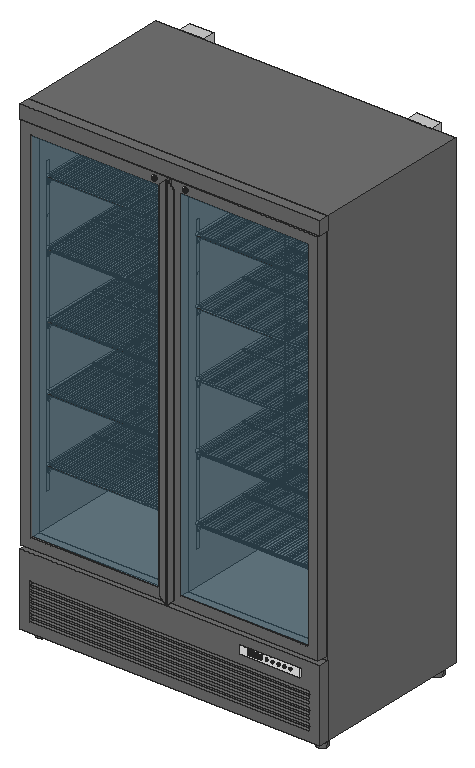
Revit family "QF_BLIZZARD_BMC2_250923014738", category Specialty Equipment, Revit 2021 (continued)
Definition of nested family "QF_BLIZZARD_BMC2_2920"
  Forms (mm)
    Extrusion 107, solid
      sketch origin (1215, -226, 200) x (0, -1, 0) y (0, 0, 1)
        loop
          line (-77, 861.989) -> (-73, 861.989) -> (-73, 865.989) -> (-77, 865.989) -> (-77, 861.989)
        loop
          line (-77, 876.989) -> (-73, 876.989) -> (-73, 880.989) -> (-77, 880.989) -> (-77, 876.989)
        loop
          line (-77, 891.989) -> (-73, 891.989) -> (-73, 895.989) -> (-77, 895.989) -> (-77, 891.989)
        loop
          line (-77, 906.989) -> (-73, 906.989) -> (-73, 910.989) -> (-77, 910.989) -> (-77, 906.989)
        loop
          line (-77, 921.989) -> (-73, 921.989) -> (-73, 925.989) -> (-77, 925.989) -> (-77, 921.989)
        loop
          line (-77, 936.989) -> (-73, 936.989) -> (-73, 940.989) -> (-77, 940.989) -> (-77, 936.989)
        loop
          line (-77, 951.989) -> (-73, 951.989) -> (-73, 955.989) -> (-77, 955.989) -> (-77, 951.989)
        loop
          line (-77, 966.989) -> (-73, 966.989) -> (-73, 970.989) -> (-77, 970.989) -> (-77, 966.989)
        loop
          line (-77, 981.989) -> (-73, 981.989) -> (-73, 985.989) -> (-77, 985.989) -> (-77, 981.989)
        loop
          line (-77, 996.989) -> (-73, 996.989) -> (-73, 1000.989) -> (-77, 1000.989) -> (-77, 996.989)
        loop
          line (-77, 1011.989) -> (-73, 1011.989) -> (-73, 1015.989) -> (-77, 1015.989) -> (-77, 1011.989)
        loop
          line (-77, 1026.989) -> (-73, 1026.989) -> (-73, 1030.989) -> (-77, 1030.989) -> (-77, 1026.989)
        loop
          line (-77, 1041.989) -> (-73, 1041.989) -> (-73, 1045.989) -> (-77, 1045.989) -> (-77, 1041.989)
        loop
          line (-77, 1056.989) -> (-73, 1056.989) -> (-73, 1060.989) -> (-77, 1060.989) -> (-77, 1056.989)
        loop
          line (-77, 1071.989) -> (-73, 1071.989) -> (-73, 1075.989) -> (-77, 1075.989) -> (-77, 1071.989)
        loop
          line (-77, 1086.989) -> (-73, 1086.989) -> (-73, 1090.989) -> (-77, 1090.989) -> (-77, 1086.989)
        loop
          line (-77, 1101.989) -> (-73, 1101.989) -> (-73, 1105.989) -> (-77, 1105.989) -> (-77, 1101.989)
        loop
          line (-77, 1116.989) -> (-73, 1116.989) -> (-73, 1120.989) -> (-77, 1120.989) -> (-77, 1116.989)
        loop
          line (-77, 1131.989) -> (-73, 1131.989) -> (-73, 1135.989) -> (-77, 1135.989) -> (-77, 1131.989)
        loop
          line (-77, 1146.989) -> (-73, 1146.989) -> (-73, 1150.989) -> (-77, 1150.989) -> (-77, 1146.989)
        loop
          line (-77, 1161.989) -> (-73, 1161.989) -> (-73, 1165.989) -> (-77, 1165.989) -> (-77, 1161.989)
        loop
          line (-77, 1176.989) -> (-73, 1176.989) -> (-73, 1180.989) -> (-77, 1180.989) -> (-77, 1176.989)
        loop
          line (-77, 1191.989) -> (-73, 1191.989) -> (-73, 1195.989) -> (-77, 1195.989) -> (-77, 1191.989)
        loop
          line (-77, 1206.989) -> (-73, 1206.989) -> (-73, 1210.989) -> (-77, 1210.989) -> (-77, 1206.989)
        loop
          line (-77, 1221.989) -> (-73, 1221.989) -> (-73, 1225.989) -> (-77, 1225.989) -> (-77, 1221.989)
        loop
          line (-77, 1236.989) -> (-73, 1236.989) -> (-73, 1240.989) -> (-77, 1240.989) -> (-77, 1236.989)
        loop
          line (-77, 1251.989) -> (-73, 1251.989) -> (-73, 1255.989) -> (-77, 1255.989) -> (-77, 1251.989)
        loop
          line (-77, 1266.989) -> (-73, 1266.989) -> (-73, 1270.989) -> (-77, 1270.989) -> (-77, 1266.989)
        loop
          line (-77, 1281.989) -> (-73, 1281.989) -> (-73, 1285.989) -> (-77, 1285.989) -> (-77, 1281.989)
        loop
          line (-77, 1296.989) -> (-73, 1296.989) -> (-73, 1300.989) -> (-77, 1300.989) -> (-77, 1296.989)
        loop
          line (-77, 1311.989) -> (-73, 1311.989) -> (-73, 1315.989) -> (-77, 1315.989) -> (-77, 1311.989)
        loop
          line (-77, 1326.989) -> (-73, 1326.989) -> (-73, 1330.989) -> (-77, 1330.989) -> (-77, 1326.989)
        loop
          line (-77, 1341.989) -> (-73, 1341.989) -> (-73, 1345.989) -> (-77, 1345.989) -> (-77, 1341.989)
        loop
          line (-77, 1356.989) -> (-73, 1356.989) -> (-73, 1360.989) -> (-77, 1360.989) -> (-77, 1356.989)
        loop
          line (-77, 1371.989) -> (-73, 1371.989) -> (-73, 1375.989) -> (-77, 1375.989) -> (-77, 1371.989)
        loop
          line (-77, 1386.989) -> (-73, 1386.989) -> (-73, 1390.989) -> (-77, 1390.989) -> (-77, 1386.989)
        loop
          line (-77, 1401.989) -> (-73, 1401.989) -> (-73, 1405.989) -> (-77, 1405.989) -> (-77, 1401.989)
        loop
          line (-77, 1416.989) -> (-73, 1416.989) -> (-73, 1420.989) -> (-77, 1420.989) -> (-77, 1416.989)
        loop
          line (-77, 1431.989) -> (-73, 1431.989) -> (-73, 1435.989) -> (-77, 1435.989) -> (-77, 1431.989)
        loop
          line (-77, 1446.989) -> (-73, 1446.989) -> (-73, 1450.989) -> (-77, 1450.989) -> (-77, 1446.989)
        loop
          line (-77, 1461.989) -> (-73, 1461.989) -> (-73, 1465.989) -> (-77, 1465.989) -> (-77, 1461.989)
        loop
          line (-77, 1476.989) -> (-73, 1476.989) -> (-73, 1480.989) -> (-77, 1480.989) -> (-77, 1476.989)
        loop
          line (-77, 1491.989) -> (-73, 1491.989) -> (-73, 1495.989) -> (-77, 1495.989) -> (-77, 1491.989)
        loop
          line (-77, 1506.989) -> (-73, 1506.989) -> (-73, 1510.989) -> (-77, 1510.989) -> (-77, 1506.989)
        loop
          line (-77, 1521.989) -> (-73, 1521.989) -> (-73, 1525.989) -> (-77, 1525.989) -> (-77, 1521.989)
        loop
          line (-77, 1536.989) -> (-73, 1536.989) -> (-73, 1540.989) -> (-77, 1540.989) -> (-77, 1536.989)
        loop
          line (-77, 1551.989) -> (-73, 1551.989) -> (-73, 1555.989) -> (-77, 1555.989) -> (-77, 1551.989)
      from 0 to 5
    Extrusion 108, solid
      sketch origin (1215, -688.633, 200) x (0, -1, 0) y (0, 0, 1)
        loop
          line (-70, 1562) -> (-80, 1562) -> (-80, 330) -> (-70, 330) -> (-70, 1562)
        loop
          line (-77, 336.989) -> (-73, 336.989) -> (-73, 340.989) -> (-77, 340.989) -> (-77, 336.989)
        loop
          line (-77, 351.989) -> (-73, 351.989) -> (-73, 355.989) -> (-77, 355.989) -> (-77, 351.989)
        loop
          line (-77, 366.989) -> (-73, 366.989) -> (-73, 370.989) -> (-77, 370.989) -> (-77, 366.989)
        loop
          line (-77, 381.989) -> (-73, 381.989) -> (-73, 385.989) -> (-77, 385.989) -> (-77, 381.989)
        loop
          line (-77, 396.989) -> (-73, 396.989) -> (-73, 400.989) -> (-77, 400.989) -> (-77, 396.989)
        loop
          line (-77, 411.989) -> (-73, 411.989) -> (-73, 415.989) -> (-77, 415.989) -> (-77, 411.989)
        loop
          line (-77, 426.989) -> (-73, 426.989) -> (-73, 430.989) -> (-77, 430.989) -> (-77, 426.989)
        loop
          line (-77, 441.989) -> (-73, 441.989) -> (-73, 445.989) -> (-77, 445.989) -> (-77, 441.989)
        loop
          line (-77, 456.989) -> (-73, 456.989) -> (-73, 460.989) -> (-77, 460.989) -> (-77, 456.989)
        loop
          line (-77, 471.989) -> (-73, 471.989) -> (-73, 475.989) -> (-77, 475.989) -> (-77, 471.989)
        loop
          line (-77, 486.989) -> (-73, 486.989) -> (-73, 490.989) -> (-77, 490.989) -> (-77, 486.989)
        loop
          line (-77, 501.989) -> (-73, 501.989) -> (-73, 505.989) -> (-77, 505.989) -> (-77, 501.989)
        loop
          line (-77, 516.989) -> (-73, 516.989) -> (-73, 520.989) -> (-77, 520.989) -> (-77, 516.989)
        loop
          line (-77, 531.989) -> (-73, 531.989) -> (-73, 535.989) -> (-77, 535.989) -> (-77, 531.989)
        loop
          line (-77, 546.989) -> (-73, 546.989) -> (-73, 550.989) -> (-77, 550.989) -> (-77, 546.989)
        loop
          line (-77, 561.989) -> (-73, 561.989) -> (-73, 565.989) -> (-77, 565.989) -> (-77, 561.989)
        loop
          line (-77, 576.989) -> (-73, 576.989) -> (-73, 580.989) -> (-77, 580.989) -> (-77, 576.989)
        loop
          line (-77, 591.989) -> (-73, 591.989) -> (-73, 595.989) -> (-77, 595.989) -> (-77, 591.989)
        loop
          line (-77, 606.989) -> (-73, 606.989) -> (-73, 610.989) -> (-77, 610.989) -> (-77, 606.989)
        loop
          line (-77, 621.989) -> (-73, 621.989) -> (-73, 625.989) -> (-77, 625.989) -> (-77, 621.989)
        loop
          line (-77, 636.989) -> (-73, 636.989) -> (-73, 640.989) -> (-77, 640.989) -> (-77, 636.989)
        loop
          line (-77, 651.989) -> (-73, 651.989) -> (-73, 655.989) -> (-77, 655.989) -> (-77, 651.989)
        loop
          line (-77, 666.989) -> (-73, 666.989) -> (-73, 670.989) -> (-77, 670.989) -> (-77, 666.989)
        loop
          line (-77, 681.989) -> (-73, 681.989) -> (-73, 685.989) -> (-77, 685.989) -> (-77, 681.989)
        loop
          line (-77, 696.989) -> (-73, 696.989) -> (-73, 700.989) -> (-77, 700.989) -> (-77, 696.989)
        loop
          line (-77, 711.989) -> (-73, 711.989) -> (-73, 715.989) -> (-77, 715.989) -> (-77, 711.989)
        loop
          line (-77, 726.989) -> (-73, 726.989) -> (-73, 730.989) -> (-77, 730.989) -> (-77, 726.989)
        loop
          line (-77, 741.989) -> (-73, 741.989) -> (-73, 745.989) -> (-77, 745.989) -> (-77, 741.989)
        loop
          line (-77, 756.989) -> (-73, 756.989) -> (-73, 760.989) -> (-77, 760.989) -> (-77, 756.989)
        loop
          line (-77, 771.989) -> (-73, 771.989) -> (-73, 775.989) -> (-77, 775.989) -> (-77, 771.989)
        loop
          line (-77, 786.989) -> (-73, 786.989) -> (-73, 790.989) -> (-77, 790.989) -> (-77, 786.989)
        loop
          line (-77, 801.989) -> (-73, 801.989) -> (-73, 805.989) -> (-77, 805.989) -> (-77, 801.989)
        loop
          line (-77, 816.989) -> (-73, 816.989) -> (-73, 820.989) -> (-77, 820.989) -> (-77, 816.989)
        loop
          line (-77, 831.989) -> (-73, 831.989) -> (-73, 835.989) -> (-77, 835.989) -> (-77, 831.989)
        loop
          line (-77, 846.989) -> (-73, 846.989) -> (-73, 850.989) -> (-77, 850.989) -> (-77, 846.989)
        loop
          line (-77, 861.989) -> (-73, 861.989) -> (-73, 865.989) -> (-77, 865.989) -> (-77, 861.989)
        loop
          line (-77, 876.989) -> (-73, 876.989) -> (-73, 880.989) -> (-77, 880.989) -> (-77, 876.989)
        loop
          line (-77, 891.989) -> (-73, 891.989) -> (-73, 895.989) -> (-77, 895.989) -> (-77, 891.989)
        loop
          line (-77, 906.989) -> (-73, 906.989) -> (-73, 910.989) -> (-77, 910.989) -> (-77, 906.989)
        loop
          line (-77, 921.989) -> (-73, 921.989) -> (-73, 925.989) -> (-77, 925.989) -> (-77, 921.989)
        loop
          line (-77, 936.989) -> (-73, 936.989) -> (-73, 940.989) -> (-77, 940.989) -> (-77, 936.989)
        loop
          line (-77, 951.989) -> (-73, 951.989) -> (-73, 955.989) -> (-77, 955.989) -> (-77, 951.989)
        loop
          line (-77, 966.989) -> (-73, 966.989) -> (-73, 970.989) -> (-77, 970.989) -> (-77, 966.989)
        loop
          line (-77, 981.989) -> (-73, 981.989) -> (-73, 985.989) -> (-77, 985.989) -> (-77, 981.989)
        loop
          line (-77, 996.989) -> (-73, 996.989) -> (-73, 1000.989) -> (-77, 1000.989) -> (-77, 996.989)
        loop
          line (-77, 1011.989) -> (-73, 1011.989) -> (-73, 1015.989) -> (-77, 1015.989) -> (-77, 1011.989)
        loop
          line (-77, 1026.989) -> (-73, 1026.989) -> (-73, 1030.989) -> (-77, 1030.989) -> (-77, 1026.989)
        loop
          line (-77, 1041.989) -> (-73, 1041.989) -> (-73, 1045.989) -> (-77, 1045.989) -> (-77, 1041.989)
        loop
          line (-77, 1056.989) -> (-73, 1056.989) -> (-73, 1060.989) -> (-77, 1060.989) -> (-77, 1056.989)
        loop
          line (-77, 1071.989) -> (-73, 1071.989) -> (-73, 1075.989) -> (-77, 1075.989) -> (-77, 1071.989)
        loop
          line (-77, 1086.989) -> (-73, 1086.989) -> (-73, 1090.989) -> (-77, 1090.989) -> (-77, 1086.989)
        loop
          line (-77, 1101.989) -> (-73, 1101.989) -> (-73, 1105.989) -> (-77, 1105.989) -> (-77, 1101.989)
        loop
          line (-77, 1116.989) -> (-73, 1116.989) -> (-73, 1120.989) -> (-77, 1120.989) -> (-77, 1116.989)
        loop
          line (-77, 1131.989) -> (-73, 1131.989) -> (-73, 1135.989) -> (-77, 1135.989) -> (-77, 1131.989)
        loop
          line (-77, 1146.989) -> (-73, 1146.989) -> (-73, 1150.989) -> (-77, 1150.989) -> (-77, 1146.989)
        loop
          line (-77, 1161.989) -> (-73, 1161.989) -> (-73, 1165.989) -> (-77, 1165.989) -> (-77, 1161.989)
        loop
          line (-77, 1176.989) -> (-73, 1176.989) -> (-73, 1180.989) -> (-77, 1180.989) -> (-77, 1176.989)
        loop
          line (-77, 1191.989) -> (-73, 1191.989) -> (-73, 1195.989) -> (-77, 1195.989) -> (-77, 1191.989)
        loop
          line (-77, 1206.989) -> (-73, 1206.989) -> (-73, 1210.989) -> (-77, 1210.989) -> (-77, 1206.989)
        loop
          line (-77, 1221.989) -> (-73, 1221.989) -> (-73, 1225.989) -> (-77, 1225.989) -> (-77, 1221.989)
        loop
          line (-77, 1236.989) -> (-73, 1236.989) -> (-73, 1240.989) -> (-77, 1240.989) -> (-77, 1236.989)
        loop
          line (-77, 1251.989) -> (-73, 1251.989) -> (-73, 1255.989) -> (-77, 1255.989) -> (-77, 1251.989)
        loop
          line (-77, 1266.989) -> (-73, 1266.989) -> (-73, 1270.989) -> (-77, 1270.989) -> (-77, 1266.989)
        loop
          line (-77, 1281.989) -> (-73, 1281.989) -> (-73, 1285.989) -> (-77, 1285.989) -> (-77, 1281.989)
        loop
          line (-77, 1296.989) -> (-73, 1296.989) -> (-73, 1300.989) -> (-77, 1300.989) -> (-77, 1296.989)
        loop
          line (-77, 1311.989) -> (-73, 1311.989) -> (-73, 1315.989) -> (-77, 1315.989) -> (-77, 1311.989)
        loop
          line (-77, 1326.989) -> (-73, 1326.989) -> (-73, 1330.989) -> (-77, 1330.989) -> (-77, 1326.989)
        loop
          line (-77, 1341.989) -> (-73, 1341.989) -> (-73, 1345.989) -> (-77, 1345.989) -> (-77, 1341.989)
        loop
          line (-77, 1356.989) -> (-73, 1356.989) -> (-73, 1360.989) -> (-77, 1360.989) -> (-77, 1356.989)
        loop
          line (-77, 1371.989) -> (-73, 1371.989) -> (-73, 1375.989) -> (-77, 1375.989) -> (-77, 1371.989)
        loop
          line (-77, 1386.989) -> (-73, 1386.989) -> (-73, 1390.989) -> (-77, 1390.989) -> (-77, 1386.989)
        loop
          line (-77, 1401.989) -> (-73, 1401.989) -> (-73, 1405.989) -> (-77, 1405.989) -> (-77, 1401.989)
        loop
          line (-77, 1416.989) -> (-73, 1416.989) -> (-73, 1420.989) -> (-77, 1420.989) -> (-77, 1416.989)
        loop
          line (-77, 1431.989) -> (-73, 1431.989) -> (-73, 1435.989) -> (-77, 1435.989) -> (-77, 1431.989)
        loop
          line (-77, 1446.989) -> (-73, 1446.989) -> (-73, 1450.989) -> (-77, 1450.989) -> (-77, 1446.989)
        loop
          line (-77, 1461.989) -> (-73, 1461.989) -> (-73, 1465.989) -> (-77, 1465.989) -> (-77, 1461.989)
        loop
          line (-77, 1476.989) -> (-73, 1476.989) -> (-73, 1480.989) -> (-77, 1480.989) -> (-77, 1476.989)
        loop
          line (-77, 1491.989) -> (-73, 1491.989) -> (-73, 1495.989) -> (-77, 1495.989) -> (-77, 1491.989)
        loop
          line (-77, 1506.989) -> (-73, 1506.989) -> (-73, 1510.989) -> (-77, 1510.989) -> (-77, 1506.989)
        loop
          line (-77, 1521.989) -> (-73, 1521.989) -> (-73, 1525.989) -> (-77, 1525.989) -> (-77, 1521.989)
        loop
          line (-77, 1536.989) -> (-73, 1536.989) -> (-73, 1540.989) -> (-77, 1540.989) -> (-77, 1536.989)
        loop
          line (-77, 1551.989) -> (-73, 1551.989) -> (-73, 1555.989) -> (-77, 1555.989) -> (-77, 1551.989)
      from 0 to 5
    Extrusion 109, solid
      sketch origin (-403.773, -1414.75, 596.919) x (-1, 0, 0) y (0, 0, -1)
        loop
          line (-1608.773, -812.071) -> (-1608.773, -844.071) -> (-1593.825, -844.071) -> (-1608.773, -812.071)
      from -1264.75 to -1262.75
    Extrusion 110, solid
      sketch origin (1210, -538.633, 835.383) x (0, -1, 0) y (0, 0, 1)
        loop
          line (-382.633, 605.606) -> (-392.633, 605.606) -> (-392.633, 573.606) -> (-382.633, 573.606) -> (-382.633, 605.606)
      from 0 to 5
    Extrusion 111, solid
      sketch origin (-403.773, 650.117, 596.919) x (-1, 0, 0) y (0, 0, 1)
        loop
          line (-1608.773, 812.071) -> (-1593.825, 844.071) -> (-1608.773, 844.071) -> (-1608.773, 812.071)
      from -1264.75 to -1262.75
    Extrusion 112, solid
      sketch origin (1210, -226, 835.383) x (0, 1, 0) y (0, 0, -1)
        loop
          line (-382.633, -605.606) -> (-382.633, -573.606) -> (-392.633, -573.606) -> (-392.633, -605.606) -> (-382.633, -605.606)
      from 0 to 5
    Extrusion 113, solid
      sketch origin (-403.773, -1414.75, 326.919) x (-1, 0, 0) y (0, 0, -1)
        loop
          line (-1608.773, -812.071) -> (-1608.773, -844.071) -> (-1593.825, -844.071) -> (-1608.773, -812.071)
      from -1264.75 to -1262.75
    Extrusion 114, solid
      sketch origin (1210, -538.633, 565.383) x (0, -1, 0) y (0, 0, 1)
        loop
          line (-382.633, 605.606) -> (-392.633, 605.606) -> (-392.633, 573.606) -> (-382.633, 573.606) -> (-382.633, 605.606)
      from 0 to 5
    Extrusion 115, solid
      sketch origin (-403.773, 650.117, 326.919) x (-1, 0, 0) y (0, 0, 1)
        loop
          line (-1608.773, 812.071) -> (-1593.825, 844.071) -> (-1608.773, 844.071) -> (-1608.773, 812.071)
      from -1264.75 to -1262.75
    Extrusion 116, solid
      sketch origin (1210, -226, 565.383) x (0, 1, 0) y (0, 0, -1)
        loop
          line (-382.633, -605.606) -> (-382.633, -573.606) -> (-392.633, -573.606) -> (-392.633, -605.606) -> (-382.633, -605.606)
      from 0 to 5
    Extrusion 117, solid
      sketch origin (-403.773, -1414.75, 56.919) x (-1, 0, 0) y (0, 0, -1)
        loop
          line (-1608.773, -812.071) -> (-1608.773, -844.071) -> (-1593.825, -844.071) -> (-1608.773, -812.071)
      from -1264.75 to -1262.75
    Extrusion 118, solid
      sketch origin (1210, -538.633, 295.383) x (0, -1, 0) y (0, 0, 1)
        loop
          line (-382.633, 605.606) -> (-392.633, 605.606) -> (-392.633, 573.606) -> (-382.633, 573.606) -> (-382.633, 605.606)
      from 0 to 5
    Extrusion 119, solid
      sketch origin (-403.773, 650.117, 56.919) x (-1, 0, 0) y (0, 0, 1)
        loop
          line (-1608.773, 812.071) -> (-1593.825, 844.071) -> (-1608.773, 844.071) -> (-1608.773, 812.071)
      from -1264.75 to -1262.75
    Extrusion 120, solid
      sketch origin (1210, -226, 295.383) x (0, 1, 0) y (0, 0, -1)
        loop
          line (-382.633, -605.606) -> (-382.633, -573.606) -> (-392.633, -573.606) -> (-392.633, -605.606) -> (-382.633, -605.606)
      from 0 to 5
    Extrusion 121, solid
      sketch origin (-403.773, -1414.75, -213.081) x (-1, 0, 0) y (0, 0, -1)
        loop
          line (-1608.773, -812.071) -> (-1608.773, -844.071) -> (-1593.825, -844.071) -> (-1608.773, -812.071)
      from -1264.75 to -1262.75
    Extrusion 122, solid
      sketch origin (1210, -538.633, 25.383) x (0, -1, 0) y (0, 0, 1)
        loop
          line (-382.633, 605.606) -> (-392.633, 605.606) -> (-392.633, 573.606) -> (-382.633, 573.606) -> (-382.633, 605.606)
      from 0 to 5
    Extrusion 123, solid
      sketch origin (-403.773, 650.117, -213.081) x (-1, 0, 0) y (0, 0, 1)
        loop
          line (-1608.773, 812.071) -> (-1593.825, 844.071) -> (-1608.773, 844.071) -> (-1608.773, 812.071)
      from -1264.75 to -1262.75
    Extrusion 124, solid
      sketch origin (1210, -226, 25.383) x (0, 1, 0) y (0, 0, -1)
        loop
          line (-382.633, -605.606) -> (-382.633, -573.606) -> (-392.633, -573.606) -> (-392.633, -605.606) -> (-382.633, -605.606)
      from 0 to 5
    Extrusion 125, solid
      sketch origin (659.5, -688.633, 200) x (0, -1, 0) y (0, 0, -1)
        loop
          line (-70, -1362) -> (-70, -330) -> (-80, -330) -> (-80, -1362) -> (-70, -1362)
        loop
          line (-77, -336.989) -> (-77, -340.989) -> (-73, -340.989) -> (-73, -336.989) -> (-77, -336.989)
        loop
          line (-77, -351.989) -> (-77, -355.989) -> (-73, -355.989) -> (-73, -351.989) -> (-77, -351.989)
        loop
          line (-77, -366.989) -> (-77, -370.989) -> (-73, -370.989) -> (-73, -366.989) -> (-77, -366.989)
        loop
          line (-77, -381.989) -> (-77, -385.989) -> (-73, -385.989) -> (-73, -381.989) -> (-77, -381.989)
        loop
          line (-77, -396.989) -> (-77, -400.989) -> (-73, -400.989) -> (-73, -396.989) -> (-77, -396.989)
        loop
          line (-77, -411.989) -> (-77, -415.989) -> (-73, -415.989) -> (-73, -411.989) -> (-77, -411.989)
        loop
          line (-77, -426.989) -> (-77, -430.989) -> (-73, -430.989) -> (-73, -426.989) -> (-77, -426.989)
        loop
          line (-77, -441.989) -> (-77, -445.989) -> (-73, -445.989) -> (-73, -441.989) -> (-77, -441.989)
        loop
          line (-77, -456.989) -> (-77, -460.989) -> (-73, -460.989) -> (-73, -456.989) -> (-77, -456.989)
        loop
          line (-77, -471.989) -> (-77, -475.989) -> (-73, -475.989) -> (-73, -471.989) -> (-77, -471.989)
        loop
          line (-77, -486.989) -> (-77, -490.989) -> (-73, -490.989) -> (-73, -486.989) -> (-77, -486.989)
        loop
          line (-77, -501.989) -> (-77, -505.989) -> (-73, -505.989) -> (-73, -501.989) -> (-77, -501.989)
        loop
          line (-77, -516.989) -> (-77, -520.989) -> (-73, -520.989) -> (-73, -516.989) -> (-77, -516.989)
        loop
          line (-77, -531.989) -> (-77, -535.989) -> (-73, -535.989) -> (-73, -531.989) -> (-77, -531.989)
        loop
          line (-77, -546.989) -> (-77, -550.989) -> (-73, -550.989) -> (-73, -546.989) -> (-77, -546.989)
        loop
          line (-77, -561.989) -> (-77, -565.989) -> (-73, -565.989) -> (-73, -561.989) -> (-77, -561.989)
        loop
          line (-77, -576.989) -> (-77, -580.989) -> (-73, -580.989) -> (-73, -576.989) -> (-77, -576.989)
        loop
          line (-77, -591.989) -> (-77, -595.989) -> (-73, -595.989) -> (-73, -591.989) -> (-77, -591.989)
        loop
          line (-77, -606.989) -> (-77, -610.989) -> (-73, -610.989) -> (-73, -606.989) -> (-77, -606.989)
        loop
          line (-77, -621.989) -> (-77, -625.989) -> (-73, -625.989) -> (-73, -621.989) -> (-77, -621.989)
        loop
          line (-77, -636.989) -> (-77, -640.989) -> (-73, -640.989) -> (-73, -636.989) -> (-77, -636.989)
        loop
          line (-77, -651.989) -> (-77, -655.989) -> (-73, -655.989) -> (-73, -651.989) -> (-77, -651.989)
        loop
          line (-77, -666.989) -> (-77, -670.989) -> (-73, -670.989) -> (-73, -666.989) -> (-77, -666.989)
        loop
          line (-77, -681.989) -> (-77, -685.989) -> (-73, -685.989) -> (-73, -681.989) -> (-77, -681.989)
        loop
          line (-77, -696.989) -> (-77, -700.989) -> (-73, -700.989) -> (-73, -696.989) -> (-77, -696.989)
        loop
          line (-77, -711.989) -> (-77, -715.989) -> (-73, -715.989) -> (-73, -711.989) -> (-77, -711.989)
        loop
          line (-77, -726.989) -> (-77, -730.989) -> (-73, -730.989) -> (-73, -726.989) -> (-77, -726.989)
        loop
          line (-77, -741.989) -> (-77, -745.989) -> (-73, -745.989) -> (-73, -741.989) -> (-77, -741.989)
        loop
          line (-77, -756.989) -> (-77, -760.989) -> (-73, -760.989) -> (-73, -756.989) -> (-77, -756.989)
        loop
          line (-77, -771.989) -> (-77, -775.989) -> (-73, -775.989) -> (-73, -771.989) -> (-77, -771.989)
        loop
          line (-77, -786.989) -> (-77, -790.989) -> (-73, -790.989) -> (-73, -786.989) -> (-77, -786.989)
        loop
          line (-77, -801.989) -> (-77, -805.989) -> (-73, -805.989) -> (-73, -801.989) -> (-77, -801.989)
        loop
          line (-77, -816.989) -> (-77, -820.989) -> (-73, -820.989) -> (-73, -816.989) -> (-77, -816.989)
        loop
          line (-77, -831.989) -> (-77, -835.989) -> (-73, -835.989) -> (-73, -831.989) -> (-77, -831.989)
        loop
          line (-77, -846.989) -> (-77, -850.989) -> (-73, -850.989) -> (-73, -846.989) -> (-77, -846.989)
        loop
          line (-77, -861.989) -> (-77, -865.989) -> (-73, -865.989) -> (-73, -861.989) -> (-77, -861.989)
        loop
          line (-77, -876.989) -> (-77, -880.989) -> (-73, -880.989) -> (-73, -876.989) -> (-77, -876.989)
        loop
          line (-77, -891.989) -> (-77, -895.989) -> (-73, -895.989) -> (-73, -891.989) -> (-77, -891.989)
        loop
          line (-77, -906.989) -> (-77, -910.989) -> (-73, -910.989) -> (-73, -906.989) -> (-77, -906.989)
        loop
          line (-77, -921.989) -> (-77, -925.989) -> (-73, -925.989) -> (-73, -921.989) -> (-77, -921.989)
        loop
          line (-77, -936.989) -> (-77, -940.989) -> (-73, -940.989) -> (-73, -936.989) -> (-77, -936.989)
        loop
          line (-77, -951.989) -> (-77, -955.989) -> (-73, -955.989) -> (-73, -951.989) -> (-77, -951.989)
        loop
          line (-77, -966.989) -> (-77, -970.989) -> (-73, -970.989) -> (-73, -966.989) -> (-77, -966.989)
        loop
          line (-77, -981.989) -> (-77, -985.989) -> (-73, -985.989) -> (-73, -981.989) -> (-77, -981.989)
        loop
          line (-77, -996.989) -> (-77, -1000.989) -> (-73, -1000.989) -> (-73, -996.989) -> (-77, -996.989)
        loop
          line (-77, -1011.989) -> (-77, -1015.989) -> (-73, -1015.989) -> (-73, -1011.989) -> (-77, -1011.989)
        loop
          line (-77, -1026.989) -> (-77, -1030.989) -> (-73, -1030.989) -> (-73, -1026.989) -> (-77, -1026.989)
        loop
          line (-77, -1041.989) -> (-77, -1045.989) -> (-73, -1045.989) -> (-73, -1041.989) -> (-77, -1041.989)
        loop
          line (-77, -1056.989) -> (-77, -1060.989) -> (-73, -1060.989) -> (-73, -1056.989) -> (-77, -1056.989)
        loop
          line (-77, -1071.989) -> (-77, -1075.989) -> (-73, -1075.989) -> (-73, -1071.989) -> (-77, -1071.989)
        loop
          line (-77, -1086.989) -> (-77, -1090.989) -> (-73, -1090.989) -> (-73, -1086.989) -> (-77, -1086.989)
        loop
          line (-77, -1101.989) -> (-77, -1105.989) -> (-73, -1105.989) -> (-73, -1101.989) -> (-77, -1101.989)
        loop
          line (-77, -1116.989) -> (-77, -1120.989) -> (-73, -1120.989) -> (-73, -1116.989) -> (-77, -1116.989)
        loop
          line (-77, -1131.989) -> (-77, -1135.989) -> (-73, -1135.989) -> (-73, -1131.989) -> (-77, -1131.989)
        loop
          line (-77, -1146.989) -> (-77, -1150.989) -> (-73, -1150.989) -> (-73, -1146.989) -> (-77, -1146.989)
        loop
          line (-77, -1161.989) -> (-77, -1165.989) -> (-73, -1165.989) -> (-73, -1161.989) -> (-77, -1161.989)
        loop
          line (-77, -1176.989) -> (-77, -1180.989) -> (-73, -1180.989) -> (-73, -1176.989) -> (-77, -1176.989)
        loop
          line (-77, -1191.989) -> (-77, -1195.989) -> (-73, -1195.989) -> (-73, -1191.989) -> (-77, -1191.989)
        loop
          line (-77, -1206.989) -> (-77, -1210.989) -> (-73, -1210.989) -> (-73, -1206.989) -> (-77, -1206.989)
        loop
          line (-77, -1221.989) -> (-77, -1225.989) -> (-73, -1225.989) -> (-73, -1221.989) -> (-77, -1221.989)
        loop
          line (-77, -1236.989) -> (-77, -1240.989) -> (-73, -1240.989) -> (-73, -1236.989) -> (-77, -1236.989)
        loop
          line (-77, -1251.989) -> (-77, -1255.989) -> (-73, -1255.989) -> (-73, -1251.989) -> (-77, -1251.989)
        loop
          line (-77, -1266.989) -> (-77, -1270.989) -> (-73, -1270.989) -> (-73, -1266.989) -> (-77, -1266.989)
        loop
          line (-77, -1281.989) -> (-77, -1285.989) -> (-73, -1285.989) -> (-73, -1281.989) -> (-77, -1281.989)
        loop
          line (-77, -1296.989) -> (-77, -1300.989) -> (-73, -1300.989) -> (-73, -1296.989) -> (-77, -1296.989)
        loop
          line (-77, -1311.989) -> (-77, -1315.989) -> (-73, -1315.989) -> (-73, -1311.989) -> (-77, -1311.989)
        loop
          line (-77, -1326.989) -> (-77, -1330.989) -> (-73, -1330.989) -> (-73, -1326.989) -> (-77, -1326.989)
        loop
          line (-77, -1341.989) -> (-77, -1345.989) -> (-73, -1345.989) -> (-73, -1341.989) -> (-77, -1341.989)
      from 0 to 5
    Extrusion 126, solid
      sketch origin (2278.273, -1414.75, 866.919) x (1, 0, 0) y (0, 0, 1)
        loop
          line (-1608.773, 812.071) -> (-1593.825, 844.071) -> (-1608.773, 844.071) -> (-1608.773, 812.071)
      from -1264.75 to -1262.75
    Extrusion 127, solid
      sketch origin (664.5, -538.633, 1105.383) x (0, -1, 0) y (0, 0, -1)
        loop
          line (-382.633, -605.606) -> (-382.633, -573.606) -> (-392.633, -573.606) -> (-392.633, -605.606) -> (-382.633, -605.606)
      from 0 to 5
    Extrusion 128, solid
      sketch origin (2278.273, 650.117, 866.919) x (1, 0, 0) y (0, 0, -1)
        loop
          line (-1608.773, -812.071) -> (-1608.773, -844.071) -> (-1593.825, -844.071) -> (-1608.773, -812.071)
      from -1264.75 to -1262.75
    Extrusion 129, solid
      sketch origin (664.5, -226, 1105.383) x (0, 1, 0) y (0, 0, 1)
        loop
          line (-382.633, 605.606) -> (-392.633, 605.606) -> (-392.633, 573.606) -> (-382.633, 573.606) -> (-382.633, 605.606)
      from 0 to 5
    Extrusion 130, solid
      sketch origin (659.5, -226, 200) x (0, -1, 0) y (0, 0, -1)
        loop
          line (-70, -1562) -> (-70, -330) -> (-80, -330) -> (-80, -1562) -> (-70, -1562)
        loop
          line (-77, -336.989) -> (-77, -340.989) -> (-73, -340.989) -> (-73, -336.989) -> (-77, -336.989)
        loop
          line (-77, -351.989) -> (-77, -355.989) -> (-73, -355.989) -> (-73, -351.989) -> (-77, -351.989)
        loop
          line (-77, -366.989) -> (-77, -370.989) -> (-73, -370.989) -> (-73, -366.989) -> (-77, -366.989)
        loop
          line (-77, -381.989) -> (-77, -385.989) -> (-73, -385.989) -> (-73, -381.989) -> (-77, -381.989)
        loop
          line (-77, -396.989) -> (-77, -400.989) -> (-73, -400.989) -> (-73, -396.989) -> (-77, -396.989)
        loop
          line (-77, -411.989) -> (-77, -415.989) -> (-73, -415.989) -> (-73, -411.989) -> (-77, -411.989)
        loop
          line (-77, -426.989) -> (-77, -430.989) -> (-73, -430.989) -> (-73, -426.989) -> (-77, -426.989)
        loop
          line (-77, -441.989) -> (-77, -445.989) -> (-73, -445.989) -> (-73, -441.989) -> (-77, -441.989)
        loop
          line (-77, -456.989) -> (-77, -460.989) -> (-73, -460.989) -> (-73, -456.989) -> (-77, -456.989)
        loop
          line (-77, -471.989) -> (-77, -475.989) -> (-73, -475.989) -> (-73, -471.989) -> (-77, -471.989)
        loop
          line (-77, -486.989) -> (-77, -490.989) -> (-73, -490.989) -> (-73, -486.989) -> (-77, -486.989)
        loop
          line (-77, -501.989) -> (-77, -505.989) -> (-73, -505.989) -> (-73, -501.989) -> (-77, -501.989)
        loop
          line (-77, -516.989) -> (-77, -520.989) -> (-73, -520.989) -> (-73, -516.989) -> (-77, -516.989)
        loop
          line (-77, -531.989) -> (-77, -535.989) -> (-73, -535.989) -> (-73, -531.989) -> (-77, -531.989)
        loop
          line (-77, -546.989) -> (-77, -550.989) -> (-73, -550.989) -> (-73, -546.989) -> (-77, -546.989)
        loop
          line (-77, -561.989) -> (-77, -565.989) -> (-73, -565.989) -> (-73, -561.989) -> (-77, -561.989)
        loop
          line (-77, -576.989) -> (-77, -580.989) -> (-73, -580.989) -> (-73, -576.989) -> (-77, -576.989)
        loop
          line (-77, -591.989) -> (-77, -595.989) -> (-73, -595.989) -> (-73, -591.989) -> (-77, -591.989)
        loop
          line (-77, -606.989) -> (-77, -610.989) -> (-73, -610.989) -> (-73, -606.989) -> (-77, -606.989)
        loop
          line (-77, -621.989) -> (-77, -625.989) -> (-73, -625.989) -> (-73, -621.989) -> (-77, -621.989)
        loop
          line (-77, -636.989) -> (-77, -640.989) -> (-73, -640.989) -> (-73, -636.989) -> (-77, -636.989)
        loop
          line (-77, -651.989) -> (-77, -655.989) -> (-73, -655.989) -> (-73, -651.989) -> (-77, -651.989)
        loop
          line (-77, -666.989) -> (-77, -670.989) -> (-73, -670.989) -> (-73, -666.989) -> (-77, -666.989)
        loop
          line (-77, -681.989) -> (-77, -685.989) -> (-73, -685.989) -> (-73, -681.989) -> (-77, -681.989)
        loop
          line (-77, -696.989) -> (-77, -700.989) -> (-73, -700.989) -> (-73, -696.989) -> (-77, -696.989)
        loop
          line (-77, -711.989) -> (-77, -715.989) -> (-73, -715.989) -> (-73, -711.989) -> (-77, -711.989)
        loop
          line (-77, -726.989) -> (-77, -730.989) -> (-73, -730.989) -> (-73, -726.989) -> (-77, -726.989)
        loop
          line (-77, -741.989) -> (-77, -745.989) -> (-73, -745.989) -> (-73, -741.989) -> (-77, -741.989)
        loop
          line (-77, -756.989) -> (-77, -760.989) -> (-73, -760.989) -> (-73, -756.989) -> (-77, -756.989)
        loop
          line (-77, -771.989) -> (-77, -775.989) -> (-73, -775.989) -> (-73, -771.989) -> (-77, -771.989)
        loop
          line (-77, -786.989) -> (-77, -790.989) -> (-73, -790.989) -> (-73, -786.989) -> (-77, -786.989)
        loop
          line (-77, -801.989) -> (-77, -805.989) -> (-73, -805.989) -> (-73, -801.989) -> (-77, -801.989)
        loop
          line (-77, -816.989) -> (-77, -820.989) -> (-73, -820.989) -> (-73, -816.989) -> (-77, -816.989)
        loop
          line (-77, -831.989) -> (-77, -835.989) -> (-73, -835.989) -> (-73, -831.989) -> (-77, -831.989)
        loop
          line (-77, -846.989) -> (-77, -850.989) -> (-73, -850.989) -> (-73, -846.989) -> (-77, -846.989)
        loop
          line (-77, -861.989) -> (-77, -865.989) -> (-73, -865.989) -> (-73, -861.989) -> (-77, -861.989)
        loop
          line (-77, -876.989) -> (-77, -880.989) -> (-73, -880.989) -> (-73, -876.989) -> (-77, -876.989)
        loop
          line (-77, -891.989) -> (-77, -895.989) -> (-73, -895.989) -> (-73, -891.989) -> (-77, -891.989)
        loop
          line (-77, -906.989) -> (-77, -910.989) -> (-73, -910.989) -> (-73, -906.989) -> (-77, -906.989)
        loop
          line (-77, -921.989) -> (-77, -925.989) -> (-73, -925.989) -> (-73, -921.989) -> (-77, -921.989)
        loop
          line (-77, -936.989) -> (-77, -940.989) -> (-73, -940.989) -> (-73, -936.989) -> (-77, -936.989)
        loop
          line (-77, -951.989) -> (-77, -955.989) -> (-73, -955.989) -> (-73, -951.989) -> (-77, -951.989)
        loop
          line (-77, -966.989) -> (-77, -970.989) -> (-73, -970.989) -> (-73, -966.989) -> (-77, -966.989)
        loop
          line (-77, -981.989) -> (-77, -985.989) -> (-73, -985.989) -> (-73, -981.989) -> (-77, -981.989)
        loop
          line (-77, -996.989) -> (-77, -1000.989) -> (-73, -1000.989) -> (-73, -996.989) -> (-77, -996.989)
        loop
          line (-77, -1011.989) -> (-77, -1015.989) -> (-73, -1015.989) -> (-73, -1011.989) -> (-77, -1011.989)
        loop
          line (-77, -1026.989) -> (-77, -1030.989) -> (-73, -1030.989) -> (-73, -1026.989) -> (-77, -1026.989)
        loop
          line (-77, -1041.989) -> (-77, -1045.989) -> (-73, -1045.989) -> (-73, -1041.989) -> (-77, -1041.989)
        loop
          line (-77, -1056.989) -> (-77, -1060.989) -> (-73, -1060.989) -> (-73, -1056.989) -> (-77, -1056.989)
        loop
          line (-77, -1071.989) -> (-77, -1075.989) -> (-73, -1075.989) -> (-73, -1071.989) -> (-77, -1071.989)
        loop
          line (-77, -1086.989) -> (-77, -1090.989) -> (-73, -1090.989) -> (-73, -1086.989) -> (-77, -1086.989)
        loop
          line (-77, -1101.989) -> (-77, -1105.989) -> (-73, -1105.989) -> (-73, -1101.989) -> (-77, -1101.989)
        loop
          line (-77, -1116.989) -> (-77, -1120.989) -> (-73, -1120.989) -> (-73, -1116.989) -> (-77, -1116.989)
        loop
          line (-77, -1131.989) -> (-77, -1135.989) -> (-73, -1135.989) -> (-73, -1131.989) -> (-77, -1131.989)
        loop
          line (-77, -1146.989) -> (-77, -1150.989) -> (-73, -1150.989) -> (-73, -1146.989) -> (-77, -1146.989)
        loop
          line (-77, -1161.989) -> (-77, -1165.989) -> (-73, -1165.989) -> (-73, -1161.989) -> (-77, -1161.989)
        loop
          line (-77, -1176.989) -> (-77, -1180.989) -> (-73, -1180.989) -> (-73, -1176.989) -> (-77, -1176.989)
        loop
          line (-77, -1191.989) -> (-77, -1195.989) -> (-73, -1195.989) -> (-73, -1191.989) -> (-77, -1191.989)
        loop
          line (-77, -1206.989) -> (-77, -1210.989) -> (-73, -1210.989) -> (-73, -1206.989) -> (-77, -1206.989)
        loop
          line (-77, -1221.989) -> (-77, -1225.989) -> (-73, -1225.989) -> (-73, -1221.989) -> (-77, -1221.989)
        loop
          line (-77, -1236.989) -> (-77, -1240.989) -> (-73, -1240.989) -> (-73, -1236.989) -> (-77, -1236.989)
        loop
          line (-77, -1251.989) -> (-77, -1255.989) -> (-73, -1255.989) -> (-73, -1251.989) -> (-77, -1251.989)
        loop
          line (-77, -1266.989) -> (-77, -1270.989) -> (-73, -1270.989) -> (-73, -1266.989) -> (-77, -1266.989)
        loop
          line (-77, -1281.989) -> (-77, -1285.989) -> (-73, -1285.989) -> (-73, -1281.989) -> (-77, -1281.989)
        loop
          line (-77, -1296.989) -> (-77, -1300.989) -> (-73, -1300.989) -> (-73, -1296.989) -> (-77, -1296.989)
        loop
          line (-77, -1311.989) -> (-77, -1315.989) -> (-73, -1315.989) -> (-73, -1311.989) -> (-77, -1311.989)
        loop
          line (-77, -1326.989) -> (-77, -1330.989) -> (-73, -1330.989) -> (-73, -1326.989) -> (-77, -1326.989)
        loop
          line (-77, -1341.989) -> (-77, -1345.989) -> (-73, -1345.989) -> (-73, -1341.989) -> (-77, -1341.989)
        loop
          line (-77, -1356.989) -> (-77, -1360.989) -> (-73, -1360.989) -> (-73, -1356.989) -> (-77, -1356.989)
        loop
          line (-77, -1371.989) -> (-77, -1375.989) -> (-73, -1375.989) -> (-73, -1371.989) -> (-77, -1371.989)
        loop
          line (-77, -1386.989) -> (-77, -1390.989) -> (-73, -1390.989) -> (-73, -1386.989) -> (-77, -1386.989)
        loop
          line (-77, -1401.989) -> (-77, -1405.989) -> (-73, -1405.989) -> (-73, -1401.989) -> (-77, -1401.989)
        loop
          line (-77, -1416.989) -> (-77, -1420.989) -> (-73, -1420.989) -> (-73, -1416.989) -> (-77, -1416.989)
        loop
          line (-77, -1431.989) -> (-77, -1435.989) -> (-73, -1435.989) -> (-73, -1431.989) -> (-77, -1431.989)
        loop
          line (-77, -1446.989) -> (-77, -1450.989) -> (-73, -1450.989) -> (-73, -1446.989) -> (-77, -1446.989)
        loop
          line (-77, -1461.989) -> (-77, -1465.989) -> (-73, -1465.989) -> (-73, -1461.989) -> (-77, -1461.989)
        loop
          line (-77, -1476.989) -> (-77, -1480.989) -> (-73, -1480.989) -> (-73, -1476.989) -> (-77, -1476.989)
        loop
          line (-77, -1491.989) -> (-77, -1495.989) -> (-73, -1495.989) -> (-73, -1491.989) -> (-77, -1491.989)
        loop
          line (-77, -1506.989) -> (-77, -1510.989) -> (-73, -1510.989) -> (-73, -1506.989) -> (-77, -1506.989)
        loop
          line (-77, -1521.989) -> (-77, -1525.989) -> (-73, -1525.989) -> (-73, -1521.989) -> (-77, -1521.989)
        loop
          line (-77, -1536.989) -> (-77, -1540.989) -> (-73, -1540.989) -> (-73, -1536.989) -> (-77, -1536.989)
        loop
          line (-77, -1551.989) -> (-77, -1555.989) -> (-73, -1555.989) -> (-73, -1551.989) -> (-77, -1551.989)
      from 0 to 5
    Extrusion 131, solid
      sketch origin (659.5, -688.633, 200) x (0, -1, 0) y (0, 0, -1)
        loop
          line (-70, -1562) -> (-70, -330) -> (-80, -330) -> (-80, -1562) -> (-70, -1562)
        loop
          line (-77, -336.989) -> (-77, -340.989) -> (-73, -340.989) -> (-73, -336.989) -> (-77, -336.989)
        loop
          line (-77, -351.989) -> (-77, -355.989) -> (-73, -355.989) -> (-73, -351.989) -> (-77, -351.989)
        loop
          line (-77, -366.989) -> (-77, -370.989) -> (-73, -370.989) -> (-73, -366.989) -> (-77, -366.989)
        loop
          line (-77, -381.989) -> (-77, -385.989) -> (-73, -385.989) -> (-73, -381.989) -> (-77, -381.989)
        loop
          line (-77, -396.989) -> (-77, -400.989) -> (-73, -400.989) -> (-73, -396.989) -> (-77, -396.989)
        loop
          line (-77, -411.989) -> (-77, -415.989) -> (-73, -415.989) -> (-73, -411.989) -> (-77, -411.989)
        loop
          line (-77, -426.989) -> (-77, -430.989) -> (-73, -430.989) -> (-73, -426.989) -> (-77, -426.989)
        loop
          line (-77, -441.989) -> (-77, -445.989) -> (-73, -445.989) -> (-73, -441.989) -> (-77, -441.989)
        loop
          line (-77, -456.989) -> (-77, -460.989) -> (-73, -460.989) -> (-73, -456.989) -> (-77, -456.989)
        loop
          line (-77, -471.989) -> (-77, -475.989) -> (-73, -475.989) -> (-73, -471.989) -> (-77, -471.989)
        loop
          line (-77, -486.989) -> (-77, -490.989) -> (-73, -490.989) -> (-73, -486.989) -> (-77, -486.989)
        loop
          line (-77, -501.989) -> (-77, -505.989) -> (-73, -505.989) -> (-73, -501.989) -> (-77, -501.989)
        loop
          line (-77, -516.989) -> (-77, -520.989) -> (-73, -520.989) -> (-73, -516.989) -> (-77, -516.989)
        loop
          line (-77, -531.989) -> (-77, -535.989) -> (-73, -535.989) -> (-73, -531.989) -> (-77, -531.989)
        loop
          line (-77, -546.989) -> (-77, -550.989) -> (-73, -550.989) -> (-73, -546.989) -> (-77, -546.989)
        loop
          line (-77, -561.989) -> (-77, -565.989) -> (-73, -565.989) -> (-73, -561.989) -> (-77, -561.989)
        loop
          line (-77, -576.989) -> (-77, -580.989) -> (-73, -580.989) -> (-73, -576.989) -> (-77, -576.989)
        loop
          line (-77, -591.989) -> (-77, -595.989) -> (-73, -595.989) -> (-73, -591.989) -> (-77, -591.989)
        loop
          line (-77, -606.989) -> (-77, -610.989) -> (-73, -610.989) -> (-73, -606.989) -> (-77, -606.989)
        loop
          line (-77, -621.989) -> (-77, -625.989) -> (-73, -625.989) -> (-73, -621.989) -> (-77, -621.989)
        loop
          line (-77, -636.989) -> (-77, -640.989) -> (-73, -640.989) -> (-73, -636.989) -> (-77, -636.989)
        loop
          line (-77, -651.989) -> (-77, -655.989) -> (-73, -655.989) -> (-73, -651.989) -> (-77, -651.989)
        loop
          line (-77, -666.989) -> (-77, -670.989) -> (-73, -670.989) -> (-73, -666.989) -> (-77, -666.989)
        loop
          line (-77, -681.989) -> (-77, -685.989) -> (-73, -685.989) -> (-73, -681.989) -> (-77, -681.989)
        loop
          line (-77, -696.989) -> (-77, -700.989) -> (-73, -700.989) -> (-73, -696.989) -> (-77, -696.989)
        loop
          line (-77, -711.989) -> (-77, -715.989) -> (-73, -715.989) -> (-73, -711.989) -> (-77, -711.989)
        loop
          line (-77, -726.989) -> (-77, -730.989) -> (-73, -730.989) -> (-73, -726.989) -> (-77, -726.989)
        loop
          line (-77, -741.989) -> (-77, -745.989) -> (-73, -745.989) -> (-73, -741.989) -> (-77, -741.989)
        loop
          line (-77, -756.989) -> (-77, -760.989) -> (-73, -760.989) -> (-73, -756.989) -> (-77, -756.989)
        loop
          line (-77, -771.989) -> (-77, -775.989) -> (-73, -775.989) -> (-73, -771.989) -> (-77, -771.989)
        loop
          line (-77, -786.989) -> (-77, -790.989) -> (-73, -790.989) -> (-73, -786.989) -> (-77, -786.989)
        loop
          line (-77, -801.989) -> (-77, -805.989) -> (-73, -805.989) -> (-73, -801.989) -> (-77, -801.989)
        loop
          line (-77, -816.989) -> (-77, -820.989) -> (-73, -820.989) -> (-73, -816.989) -> (-77, -816.989)
        loop
          line (-77, -831.989) -> (-77, -835.989) -> (-73, -835.989) -> (-73, -831.989) -> (-77, -831.989)
        loop
          line (-77, -846.989) -> (-77, -850.989) -> (-73, -850.989) -> (-73, -846.989) -> (-77, -846.989)
        loop
          line (-77, -861.989) -> (-77, -865.989) -> (-73, -865.989) -> (-73, -861.989) -> (-77, -861.989)
        loop
          line (-77, -876.989) -> (-77, -880.989) -> (-73, -880.989) -> (-73, -876.989) -> (-77, -876.989)
        loop
          line (-77, -891.989) -> (-77, -895.989) -> (-73, -895.989) -> (-73, -891.989) -> (-77, -891.989)
        loop
          line (-77, -906.989) -> (-77, -910.989) -> (-73, -910.989) -> (-73, -906.989) -> (-77, -906.989)
        loop
          line (-77, -921.989) -> (-77, -925.989) -> (-73, -925.989) -> (-73, -921.989) -> (-77, -921.989)
        loop
          line (-77, -936.989) -> (-77, -940.989) -> (-73, -940.989) -> (-73, -936.989) -> (-77, -936.989)
        loop
          line (-77, -951.989) -> (-77, -955.989) -> (-73, -955.989) -> (-73, -951.989) -> (-77, -951.989)
        loop
          line (-77, -966.989) -> (-77, -970.989) -> (-73, -970.989) -> (-73, -966.989) -> (-77, -966.989)
        loop
          line (-77, -981.989) -> (-77, -985.989) -> (-73, -985.989) -> (-73, -981.989) -> (-77, -981.989)
        loop
          line (-77, -996.989) -> (-77, -1000.989) -> (-73, -1000.989) -> (-73, -996.989) -> (-77, -996.989)
        loop
          line (-77, -1011.989) -> (-77, -1015.989) -> (-73, -1015.989) -> (-73, -1011.989) -> (-77, -1011.989)
        loop
          line (-77, -1026.989) -> (-77, -1030.989) -> (-73, -1030.989) -> (-73, -1026.989) -> (-77, -1026.989)
        loop
          line (-77, -1041.989) -> (-77, -1045.989) -> (-73, -1045.989) -> (-73, -1041.989) -> (-77, -1041.989)
        loop
          line (-77, -1056.989) -> (-77, -1060.989) -> (-73, -1060.989) -> (-73, -1056.989) -> (-77, -1056.989)
        loop
          line (-77, -1071.989) -> (-77, -1075.989) -> (-73, -1075.989) -> (-73, -1071.989) -> (-77, -1071.989)
        loop
          line (-77, -1086.989) -> (-77, -1090.989) -> (-73, -1090.989) -> (-73, -1086.989) -> (-77, -1086.989)
        loop
          line (-77, -1101.989) -> (-77, -1105.989) -> (-73, -1105.989) -> (-73, -1101.989) -> (-77, -1101.989)
        loop
          line (-77, -1116.989) -> (-77, -1120.989) -> (-73, -1120.989) -> (-73, -1116.989) -> (-77, -1116.989)
        loop
          line (-77, -1131.989) -> (-77, -1135.989) -> (-73, -1135.989) -> (-73, -1131.989) -> (-77, -1131.989)
        loop
          line (-77, -1146.989) -> (-77, -1150.989) -> (-73, -1150.989) -> (-73, -1146.989) -> (-77, -1146.989)
        loop
          line (-77, -1161.989) -> (-77, -1165.989) -> (-73, -1165.989) -> (-73, -1161.989) -> (-77, -1161.989)
        loop
          line (-77, -1176.989) -> (-77, -1180.989) -> (-73, -1180.989) -> (-73, -1176.989) -> (-77, -1176.989)
        loop
          line (-77, -1191.989) -> (-77, -1195.989) -> (-73, -1195.989) -> (-73, -1191.989) -> (-77, -1191.989)
        loop
          line (-77, -1206.989) -> (-77, -1210.989) -> (-73, -1210.989) -> (-73, -1206.989) -> (-77, -1206.989)
        loop
          line (-77, -1221.989) -> (-77, -1225.989) -> (-73, -1225.989) -> (-73, -1221.989) -> (-77, -1221.989)
        loop
          line (-77, -1236.989) -> (-77, -1240.989) -> (-73, -1240.989) -> (-73, -1236.989) -> (-77, -1236.989)
        loop
          line (-77, -1251.989) -> (-77, -1255.989) -> (-73, -1255.989) -> (-73, -1251.989) -> (-77, -1251.989)
        loop
          line (-77, -1266.989) -> (-77, -1270.989) -> (-73, -1270.989) -> (-73, -1266.989) -> (-77, -1266.989)
        loop
          line (-77, -1281.989) -> (-77, -1285.989) -> (-73, -1285.989) -> (-73, -1281.989) -> (-77, -1281.989)
        loop
          line (-77, -1296.989) -> (-77, -1300.989) -> (-73, -1300.989) -> (-73, -1296.989) -> (-77, -1296.989)
        loop
          line (-77, -1311.989) -> (-77, -1315.989) -> (-73, -1315.989) -> (-73, -1311.989) -> (-77, -1311.989)
        loop
          line (-77, -1326.989) -> (-77, -1330.989) -> (-73, -1330.989) -> (-73, -1326.989) -> (-77, -1326.989)
        loop
          line (-77, -1341.989) -> (-77, -1345.989) -> (-73, -1345.989) -> (-73, -1341.989) -> (-77, -1341.989)
        loop
          line (-77, -1356.989) -> (-77, -1360.989) -> (-73, -1360.989) -> (-73, -1356.989) -> (-77, -1356.989)
        loop
          line (-77, -1371.989) -> (-77, -1375.989) -> (-73, -1375.989) -> (-73, -1371.989) -> (-77, -1371.989)
        loop
          line (-77, -1386.989) -> (-77, -1390.989) -> (-73, -1390.989) -> (-73, -1386.989) -> (-77, -1386.989)
        loop
          line (-77, -1401.989) -> (-77, -1405.989) -> (-73, -1405.989) -> (-73, -1401.989) -> (-77, -1401.989)
        loop
          line (-77, -1416.989) -> (-77, -1420.989) -> (-73, -1420.989) -> (-73, -1416.989) -> (-77, -1416.989)
        loop
          line (-77, -1431.989) -> (-77, -1435.989) -> (-73, -1435.989) -> (-73, -1431.989) -> (-77, -1431.989)
        loop
          line (-77, -1446.989) -> (-77, -1450.989) -> (-73, -1450.989) -> (-73, -1446.989) -> (-77, -1446.989)
        loop
          line (-77, -1461.989) -> (-77, -1465.989) -> (-73, -1465.989) -> (-73, -1461.989) -> (-77, -1461.989)
        loop
          line (-77, -1476.989) -> (-77, -1480.989) -> (-73, -1480.989) -> (-73, -1476.989) -> (-77, -1476.989)
        loop
          line (-77, -1491.989) -> (-77, -1495.989) -> (-73, -1495.989) -> (-73, -1491.989) -> (-77, -1491.989)
        loop
          line (-77, -1506.989) -> (-77, -1510.989) -> (-73, -1510.989) -> (-73, -1506.989) -> (-77, -1506.989)
        loop
          line (-77, -1521.989) -> (-77, -1525.989) -> (-73, -1525.989) -> (-73, -1521.989) -> (-77, -1521.989)
        loop
          line (-77, -1536.989) -> (-77, -1540.989) -> (-73, -1540.989) -> (-73, -1536.989) -> (-77, -1536.989)
        loop
          line (-77, -1551.989) -> (-77, -1555.989) -> (-73, -1555.989) -> (-73, -1551.989) -> (-77, -1551.989)
      from 0 to 5
    Extrusion 132, solid
      sketch origin (2278.273, -1414.75, 596.919) x (1, 0, 0) y (0, 0, 1)
        loop
          line (-1608.773, 812.071) -> (-1593.825, 844.071) -> (-1608.773, 844.071) -> (-1608.773, 812.071)
      from -1264.75 to -1262.75
    Extrusion 133, solid
      sketch origin (664.5, -538.633, 835.383) x (0, -1, 0) y (0, 0, -1)
        loop
          line (-382.633, -605.606) -> (-382.633, -573.606) -> (-392.633, -573.606) -> (-392.633, -605.606) -> (-382.633, -605.606)
      from 0 to 5
    Extrusion 134, solid
      sketch origin (2278.273, 650.117, 596.919) x (1, 0, 0) y (0, 0, -1)
        loop
          line (-1608.773, -812.071) -> (-1608.773, -844.071) -> (-1593.825, -844.071) -> (-1608.773, -812.071)
      from -1264.75 to -1262.75
    Extrusion 135, solid
      sketch origin (664.5, -226, 835.383) x (0, 1, 0) y (0, 0, 1)
        loop
          line (-382.633, 605.606) -> (-392.633, 605.606) -> (-392.633, 573.606) -> (-382.633, 573.606) -> (-382.633, 605.606)
      from 0 to 5
    Extrusion 136, solid
      sketch origin (2278.273, -1414.75, 326.919) x (1, 0, 0) y (0, 0, 1)
        loop
          line (-1608.773, 812.071) -> (-1593.825, 844.071) -> (-1608.773, 844.071) -> (-1608.773, 812.071)
      from -1264.75 to -1262.75
    Extrusion 137, solid
      sketch origin (664.5, -538.633, 565.383) x (0, -1, 0) y (0, 0, -1)
        loop
          line (-382.633, -605.606) -> (-382.633, -573.606) -> (-392.633, -573.606) -> (-392.633, -605.606) -> (-382.633, -605.606)
      from 0 to 5
    Extrusion 138, solid
      sketch origin (2278.273, 650.117, 326.919) x (1, 0, 0) y (0, 0, -1)
        loop
          line (-1608.773, -812.071) -> (-1608.773, -844.071) -> (-1593.825, -844.071) -> (-1608.773, -812.071)
      from -1264.75 to -1262.75
    Extrusion 139, solid
      sketch origin (664.5, -226, 565.383) x (0, 1, 0) y (0, 0, 1)
        loop
          line (-382.633, 605.606) -> (-392.633, 605.606) -> (-392.633, 573.606) -> (-382.633, 573.606) -> (-382.633, 605.606)
      from 0 to 5
    Extrusion 140, solid
      sketch origin (2278.273, -1414.75, 56.919) x (1, 0, 0) y (0, 0, 1)
        loop
          line (-1608.773, 812.071) -> (-1593.825, 844.071) -> (-1608.773, 844.071) -> (-1608.773, 812.071)
      from -1264.75 to -1262.75
    Extrusion 141, solid
      sketch origin (664.5, -538.633, 295.383) x (0, -1, 0) y (0, 0, -1)
        loop
          line (-382.633, -605.606) -> (-382.633, -573.606) -> (-392.633, -573.606) -> (-392.633, -605.606) -> (-382.633, -605.606)
      from 0 to 5
    Extrusion 142, solid
      sketch origin (2278.273, 650.117, 56.919) x (1, 0, 0) y (0, 0, -1)
        loop
          line (-1608.773, -812.071) -> (-1608.773, -844.071) -> (-1593.825, -844.071) -> (-1608.773, -812.071)
      from -1264.75 to -1262.75
    Extrusion 143, solid
      sketch origin (664.5, -226, 295.383) x (0, 1, 0) y (0, 0, 1)
        loop
          line (-382.633, 605.606) -> (-392.633, 605.606) -> (-392.633, 573.606) -> (-382.633, 573.606) -> (-382.633, 605.606)
      from 0 to 5
    Extrusion 144, solid
      sketch origin (2278.273, -1414.75, -213.081) x (1, 0, 0) y (0, 0, 1)
        loop
          line (-1608.773, 812.071) -> (-1593.825, 844.071) -> (-1608.773, 844.071) -> (-1608.773, 812.071)
      from -1264.75 to -1262.75
    Extrusion 145, solid
      sketch origin (664.5, -538.633, 25.383) x (0, -1, 0) y (0, 0, -1)
        loop
          line (-382.633, -605.606) -> (-382.633, -573.606) -> (-392.633, -573.606) -> (-392.633, -605.606) -> (-382.633, -605.606)
      from 0 to 5
    Extrusion 146, solid
      sketch origin (2278.273, 650.117, -213.081) x (1, 0, 0) y (0, 0, -1)
        loop
          line (-1608.773, -812.071) -> (-1608.773, -844.071) -> (-1593.825, -844.071) -> (-1608.773, -812.071)
      from -1264.75 to -1262.75
    Extrusion 147, solid
      sketch origin (664.5, -226, 25.383) x (0, 1, 0) y (0, 0, 1)
        loop
          line (-382.633, 605.606) -> (-392.633, 605.606) -> (-392.633, 573.606) -> (-382.633, 573.606) -> (-382.633, 605.606)
      from 0 to 5
    Sweep 148, solid
      path origin (1202.859, -189.803, 1443.371) x (-1, 0, 0) y (0, -1, 0)
        loop
          line (9.859, -55.803) -> (521.359, -55.803)
          arc (521.359, -55.803) -> (529.844, -52.288) -> (533.359, -43.803) r 12
          line (533.359, -43.803) -> (533.359, 428.83)
          arc (533.359, 428.83) -> (529.844, 437.316) -> (521.359, 440.83) r 12
          line (521.359, 440.83) -> (9.859, 440.83)
          arc (9.859, 440.83) -> (1.373, 437.316) -> (-2.141, 428.83) r 12
          line (-2.141, 428.83) -> (-2.141, -43.803)
          arc (-2.141, -43.803) -> (1.373, -52.288) -> (9.859, -55.803) r 12
      profile origin (937.25, -134, 1443.371) x (0, -1, 0) y (0, 0, 1)
        loop
          circle (0, 0) r 3.5
    Extrusion 149, solid
      sketch origin (1205, -189.803, 1443.371) x (-1, 0, 0) y (0, 0, -1)
        loop
          circle (13.5, -4.5) r 1
        loop
          circle (26, -4.5) r 1
        loop
          circle (38.5, -4.5) r 1
        loop
          circle (51, -4.5) r 1
        loop
          circle (63.5, -4.5) r 1
        loop
          circle (76, -4.5) r 1
        loop
          circle (88.5, -4.5) r 1
        loop
          circle (101, -4.5) r 1
        loop
          circle (113.5, -4.5) r 1
        loop
          circle (126, -4.5) r 1
        loop
          circle (138.5, -4.5) r 1
        loop
          circle (151, -4.5) r 1
        loop
          circle (163.5, -4.5) r 1
        loop
          circle (176, -4.5) r 1
        loop
          circle (188.5, -4.5) r 1
        loop
          circle (201, -4.5) r 1
        loop
          circle (213.5, -4.5) r 1
        loop
          circle (226, -4.5) r 1
        loop
          circle (238.5, -4.5) r 1
        loop
          circle (251, -4.5) r 1
        loop
          circle (263.5, -4.5) r 1
        loop
          circle (276, -4.5) r 1
        loop
          circle (288.5, -4.5) r 1
        loop
          circle (301, -4.5) r 1
        loop
          circle (313.5, -4.5) r 1
        loop
          circle (326, -4.5) r 1
        loop
          circle (338.5, -4.5) r 1
        loop
          circle (351, -4.5) r 1
        loop
          circle (363.5, -4.5) r 1
        loop
          circle (376, -4.5) r 1
        loop
          circle (388.5, -4.5) r 1
        loop
          circle (401, -4.5) r 1
        loop
          circle (413.5, -4.5) r 1
        loop
          circle (426, -4.5) r 1
        loop
          circle (438.5, -4.5) r 1
        loop
          circle (451, -4.5) r 1
        loop
          circle (463.5, -4.5) r 1
        loop
          circle (476, -4.5) r 1
        loop
          circle (488.5, -4.5) r 1
        loop
          circle (501, -4.5) r 1
        loop
          circle (513.5, -4.5) r 1
      from -55.803 to 440.197
    Extrusion 150, solid
      sketch origin (1205, -170.816, 1443.371) x (0, 1, 0) y (0, 0, -1)
        loop
          circle (-211.5, 0) r 3.5
      from 0 to 535.5
    Sweep 151, solid
      path origin (1202.859, -189.803, 1173.371) x (-1, 0, 0) y (0, -1, 0)
        loop
          line (9.859, -55.803) -> (521.359, -55.803)
          arc (521.359, -55.803) -> (529.844, -52.288) -> (533.359, -43.803) r 12
          line (533.359, -43.803) -> (533.359, 428.83)
          arc (533.359, 428.83) -> (529.844, 437.316) -> (521.359, 440.83) r 12
          line (521.359, 440.83) -> (9.859, 440.83)
          arc (9.859, 440.83) -> (1.373, 437.316) -> (-2.141, 428.83) r 12
          line (-2.141, 428.83) -> (-2.141, -43.803)
          arc (-2.141, -43.803) -> (1.373, -52.288) -> (9.859, -55.803) r 12
      profile origin (937.25, -134, 1173.371) x (0, -1, 0) y (0, 0, 1)
        loop
          circle (0, 0) r 3.5
    Extrusion 152, solid
      sketch origin (1205, -189.803, 1173.371) x (-1, 0, 0) y (0, 0, -1)
        loop
          circle (13.5, -4.5) r 1
        loop
          circle (26, -4.5) r 1
        loop
          circle (38.5, -4.5) r 1
        loop
          circle (51, -4.5) r 1
        loop
          circle (63.5, -4.5) r 1
        loop
          circle (76, -4.5) r 1
        loop
          circle (88.5, -4.5) r 1
        loop
          circle (101, -4.5) r 1
        loop
          circle (113.5, -4.5) r 1
        loop
          circle (126, -4.5) r 1
        loop
          circle (138.5, -4.5) r 1
        loop
          circle (151, -4.5) r 1
        loop
          circle (163.5, -4.5) r 1
        loop
          circle (176, -4.5) r 1
        loop
          circle (188.5, -4.5) r 1
        loop
          circle (201, -4.5) r 1
        loop
          circle (213.5, -4.5) r 1
        loop
          circle (226, -4.5) r 1
        loop
          circle (238.5, -4.5) r 1
        loop
          circle (251, -4.5) r 1
        loop
          circle (263.5, -4.5) r 1
        loop
          circle (276, -4.5) r 1
        loop
          circle (288.5, -4.5) r 1
        loop
          circle (301, -4.5) r 1
        loop
          circle (313.5, -4.5) r 1
        loop
          circle (326, -4.5) r 1
        loop
          circle (338.5, -4.5) r 1
        loop
          circle (351, -4.5) r 1
        loop
          circle (363.5, -4.5) r 1
        loop
          circle (376, -4.5) r 1
        loop
          circle (388.5, -4.5) r 1
        loop
          circle (401, -4.5) r 1
        loop
          circle (413.5, -4.5) r 1
        loop
          circle (426, -4.5) r 1
        loop
          circle (438.5, -4.5) r 1
        loop
          circle (451, -4.5) r 1
